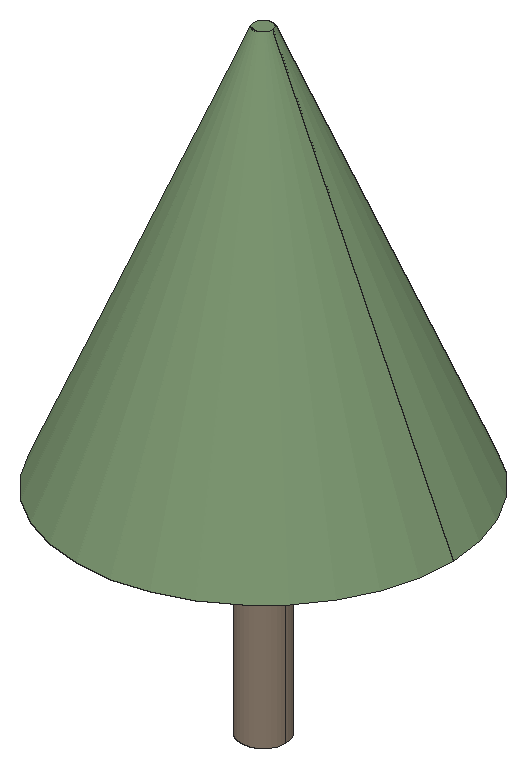
Revit family "Mantle Place Tree", category Planting, Revit 2025
Family settings
  OmniClass Number = 23.40.05.00
  OmniClass Title = Plants and Planting Products
  Work Plane-Based = No
  Always vertical = Yes
  Cut with Voids When Loaded = No
  Render Appearance Source = Family Geometry
  Shared = No
Parameters
  Trunk Radius [instance] = Crown Radius * 0.12  # 360 mm
  Trunk Height [instance] = Tree Height * 0.35  # 3500 mm
  Tree Height [instance] = 10000 mm
  Height = 6000 mm
  Default Elevation = 0 mm
  Crown Radius [instance] = 3000 mm
  Crown Apex Radius [instance] = Crown Radius * 0.05  # 150 mm
Reference planes
  plane 1 "Center (Front/Back)": y = 0
  plane 2: z = 0
  plane 3 "Center (Left/Right)": x = 0
Forms (mm)
  Extrusion 1, solid, material "Mantle Place Tree Trunk"
    sketch origin (0, 0, 0) x (1, 0, 0) y (0, 1, 0)
      loop
        circle (0, 0) r 360
    from 0 to 3500 <- "Trunk Height"
  Blend 2, solid, material "Mantle Place Tree Crown"
    base sketch origin (0, 0, 0) x (1, 0, 0) y (0, 1, 0)
      loop
        circle (0, 0) r 3000
    top sketch origin (0, 0, 0) x (1, 0, 0) y (0, 1, 0)
      loop
        circle (0, 0) r 150
    from 3500 <- "Trunk Height" to 10000 <- "Tree Height"
Dimensions and locks
  "Trunk Radius": radius of Extrusion 1 sketch curve  (x2)
  "Crown Radius": radius of Blend 2 sketch curve  (x2)
  "Crown Apex Radius": radius of Blend 2 sketch curve  (x2)
  aligned and locked: level to plane 2
Automatic sketch dimensions
  plane 1 "Center (Front/Back)" to Extrusion 1 sketch curve = 0 mm
  Extrusion 1 sketch curve to plane 3 "Center (Left/Right)" = 0 mm
  plane 1 "Center (Front/Back)" to Blend 2 sketch curve = 0 mm  (x2)
  Blend 2 sketch curve to plane 3 "Center (Left/Right)" = 0 mm  (x2)
